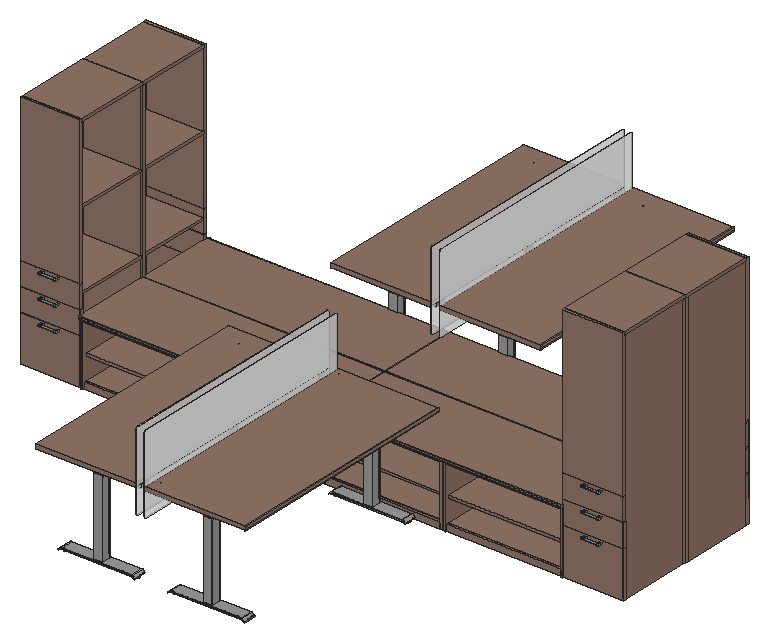
Revit family "JSI-Vision-Typical_Veneer-VST015-", category Furniture, Revit 2020
Family settings
  OmniClass Number = 23.40.20.00
  OmniClass Title = General Furniture and Specialties
  Work Plane-Based = No
  Always vertical = Yes
  Cut with Voids When Loaded = No
  Shared = No
  Room Calculation Point = No
Parameters (values of type "VST015")
  URL = "www.jsifurniture.com"
  Type Comments = "Typical Laminate"  # constant formula
  Model = "VST015"
  Manufacturer = "JSI"  # constant formula
  Keynote = "12500"
  Default Elevation = 0"
  Assembly Code = "E2020200"
Reference planes (in)
  plane 1 "Center Front/Back": y = 0
  plane 2: z = 0
  plane 3 "Center Left/Right": x = 0
Dimensions and locks (in)
  aligned and locked: level to plane 2
Nested families (in)
  nested 1: "JSI-Vision-Box_Box_File_Storage_Cabinet_Side_Access" at (-90, 0, 0), type "VSV2418-72BBFSSTL - Box/Box/File Storage Cabinet with Side Access Veneer - 17 7/8"W x 23 5/8"D x 72"H"
    with Side Distance 0", Width 17.88", Unit Centre 8.94", Shelve Width 17.13", Shelve Distance 17.88", Shelve Depth 21.755", Height 72", FFSSTR no, Depth 23.63", Bottom Shelve Level 2.458", Adjustable Shelves Array Distance 23.0765", Actual Height 71 11/16", # of Adjustable Shelves 3
  nested 2: "JSI-Vision-Box_Box_File_Storage_Cabinet_Side_Access" at (90, -0.125, 0) x (-1, 0, 0) z (0, 0, 1), type "VSV2418-72BBFSSTL - Box/Box/File Storage Cabinet with Side Access Veneer - 17 7/8"W x 23 5/8"D x 72"H"
    with Side Distance 0", Width 17.88", Unit Centre 8.94", Shelve Width 17.13", Shelve Distance 17.88", Shelve Depth 21.755", Height 72", FFSSTR no, Depth 23.63", Bottom Shelve Level 2.458", Adjustable Shelves Array Distance 23.0765", Actual Height 71 11/16", # of Adjustable Shelves 3
  nested 3: "JSI-Vision-Box_Box_File_Storage_Cabinet_Side_Access" at (72, 0, 0), type "VSV2418-72BBFSSTR - Box/Box/File Storage Cabinet with Side Access Veneer - 17 7/8"W x 23 5/8"D x 72"H"
    with Side Distance 17.13", Width 17.88", Unit Centre 8.94", Shelve Width 17.13", Shelve Distance 17.13", Shelve Depth 21.755", Height 72", Depth 23.63", Bottom Shelve Level 2.458", Adjustable Shelves Array Distance 23.0765", Actual Height 71 11/16", # of Adjustable Shelves 3
  nested 4: "JSI-Vision-Box_Box_File_Storage_Cabinet_Side_Access" at (-72, -0.125, 0) x (-1, 0, 0) z (0, 0, 1), type "VSV2418-72BBFSSTR - Box/Box/File Storage Cabinet with Side Access Veneer - 17 7/8"W x 23 5/8"D x 72"H"
    with Side Distance 17.13", Width 17.88", Unit Centre 8.94", Shelve Width 17.13", Shelve Distance 17.13", Shelve Depth 21.755", Height 72", Depth 23.63", Bottom Shelve Level 2.458", Adjustable Shelves Array Distance 23.0765", Actual Height 71 11/16", # of Adjustable Shelves 3
  nested 5: "JSI-Vision-Open_Shelf_Modular_Bench_Pedestal" at (-36, -0.125, 0), type "VSVB2436MOS, Veneer OS Modular Bench H Ped"
    with Width 36", Height 18.744", Depth 24"
  nested 6: "JSI-Vision-Open_Shelf_Modular_Bench_Pedestal" at (0, -0.125, 0), type "VSVB2436MOS, Veneer OS Modular Bench H Ped"
    with Width 36", Height 18.744", Depth 24"
  nested 7: "JSI-Vision-Open_Shelf_Modular_Bench_Pedestal" at (-36, 0, 0), type "VSVB2436MOS, Veneer OS Modular Bench H Ped"
    with Width 36", Height 18.744", Depth 24"
  nested 8: "JSI-Vision-Open_Shelf_Modular_Bench_Pedestal" at (0, 0, 0), type "VSVB2436MOS, Veneer OS Modular Bench H Ped"
    with Width 36", Height 18.744", Depth 24"
  nested 9: "JSI-Vision-Bench_Height_Modular_Top" at (-72, -0.125, -0.6469), type "VSVB2472MT, Veneer Mod Bench H Top, 24" x 72""
    with Width 72", Depth 24"
  nested 10: "JSI-Vision-Bench_Height_Modular_Top" at (0, 0, -0.6469) x (-1, 0, 0) z (0, 0, 1), type "VSVB2472MT, Veneer Mod Bench H Top, 24" x 72""
    with Width 72", Depth 24"
  nested 11: "JSI-Vision-Adjustable_Table_Standard_Range" at (1.375, 19.0625, 0) x (0, 1, 0) z (0, 0, 1), type "VSV3072AHTD-S - Adjustable Height Table Standard Range 72"W x 30"D x 30"H"
  nested 12: "JSI-Vision-Lok_Frosted_Acrylic_Privacy_Screen" at (1.375, -91.0625, -1.3175) x (0, 1, 0) z (0, 0, 1), type "LK-PSP-7224A, Lok Frosted Acrylic Privacy Screen - 72w x 23 3/4h"
  nested 13: "JSI-Vision-Adjustable_Table_Standard_Range" at (1.375, -19.0625, 0) x (0, -1, 0) z (0, 0, 1), type "VSV3072AHTD-S - Adjustable Height Table Standard Range 72"W x 30"D x 30"H"
  nested 14: "JSI-Vision-Adjustable_Table_Standard_Range" at (-1.375, 19.0625, 0) x (0, 1, 0) z (0, 0, 1), type "VSV3072AHTD-S - Adjustable Height Table Standard Range 72"W x 30"D x 30"H"
  nested 15: "JSI-Vision-Adjustable_Table_Standard_Range" at (-1.375, -19.0625, 0) x (0, -1, 0) z (0, 0, 1), type "VSV3072AHTD-S - Adjustable Height Table Standard Range 72"W x 30"D x 30"H"
  nested 16: "JSI-Vision-Lok_Frosted_Acrylic_Privacy_Screen" at (-1.375, -91.0625, -1.3175) x (0, 1, 0) z (0, 0, 1), type "LK-PSP-7224A, Lok Frosted Acrylic Privacy Screen - 72w x 23 3/4h"
  nested 17: "JSI-Vision-Lok_Frosted_Acrylic_Privacy_Screen" at (1.375, 91.0625, -1.3175) x (0, -1, 0) z (0, 0, 1), type "LK-PSP-7224A, Lok Frosted Acrylic Privacy Screen - 72w x 23 3/4h"
  nested 18: "JSI-Vision-Lok_Frosted_Acrylic_Privacy_Screen" at (-1.375, 91.0625, -1.3175) x (0, -1, 0) z (0, 0, 1), type "LK-PSP-7224A, Lok Frosted Acrylic Privacy Screen - 72w x 23 3/4h"
  nested 19: "JSI-Vision-Open_Shelf_Modular_Bench_Pedestal" at (-72, -0.125, 0), type "VSVB2436MOS, Veneer OS Modular Bench H Ped"
    with Width 36", Height 18.744", Depth 24"
  nested 20: "JSI-Vision-Open_Shelf_Modular_Bench_Pedestal" at (-72, 0, 0), type "VSVB2436MOS, Veneer OS Modular Bench H Ped"
    with Width 36", Height 18.744", Depth 24"
  nested 21: "JSI-Vision-Open_Shelf_Modular_Bench_Pedestal" at (72, -0.125, 0) x (-1, 0, 0) z (0, 0, 1), type "VSVB2436MOS, Veneer OS Modular Bench H Ped"
    with Width 36", Height 18.744", Depth 24"
  nested 22: "JSI-Vision-Open_Shelf_Modular_Bench_Pedestal" at (72, 0, 0) x (-1, 0, 0) z (0, 0, 1), type "VSVB2436MOS, Veneer OS Modular Bench H Ped"
    with Width 36", Height 18.744", Depth 24"
  nested 23: "JSI-Vision-Bench_Height_Modular_Top" at (72, -0.125, -0.6469) x (-1, 0, 0) z (0, 0, 1), type "VSVB2472MT, Veneer Mod Bench H Top, 24" x 72""
    with Width 72", Depth 24"
  nested 24: "JSI-Vision-Bench_Height_Modular_Top" at (0, 0, -0.6469), type "VSVB2472MT, Veneer Mod Bench H Top, 24" x 72""
    with Width 72", Depth 24"
Definition of nested family "JSI-Vision-Box_Box_File_Storage_Cabinet_Side_Access"
  Parameters (values of type "Type Catalog")
    Side Distance = if(FFSSTR, (Width - 3/4"), 0")  # 17 1/4"
    Top = none
    Width = 18"
    Unit Centre = Width / 2  # 9"
    URL = "www.jsifurniture.com"
    Type Comments = ""
    Tag = "3 Shelves R/ BBF"
    Shelve Width = Width - 3/4"  # 17 1/4"
    Shelve Distance = if(FFSSTR, (Width - 3/4"), Width)  # 17 1/4"
    Shelve Depth = Depth - 1 7/8"  # 22 1/8"
    Series = "Vision Casegoods"  # constant formula
    Pull Finish = none
    Model = "Type Catalog"
    Material = ""
    Manufacturer = "JSI"  # constant formula
    Keynote = "12500"
    JSI Enviromental Website = "http://www.jsifurniture.com/jsi_sustainability_intro.php"
    Height = 84"
    FFSSTR = yes
    Drawer Front = none
    Description = "Type Catalog"
    Depth = 24"
    Default Elevation = 0"
    Chassis = none
    Bottom Shelve Level = 29 1/2"
    Assembly Code = "E2020200"
    Adjustable Shelves Array Distance = (Actual Height - Bottom Shelve Level) / (# of Adjustable Shelves)  # 13 35/64"
    Actual Height = if(Height > 54", (Height - 5/16"), (if(Height > 42", (Height + 1 1/8"), if(Height > 30", (Height - 3/8"), (Height - 13/16")))))  # 83 11/16"
    # of Adjustable Shelves = if(Height > 72", 4, (if(Height > 57", 3, 2)))  # 4
  Reference planes (in)
    plane 1 "Center Front/Back": y = 0
    plane 2: z = 0
    plane 3 "Center Left/Right": x = 0
    plane 4: z = 0
    plane 5: x = 18
    plane 6: y = -0.125
    plane 7: y = -23
    plane 8: z = 83.6875
    plane 9: y = -0.875
    plane 10: y = -22.8125
    plane 11: y = -22.0625
    plane 12: x = 0.75
    plane 13: x = 17.25
    plane 14: z = 0.3275
    plane 15: z = 1.0775
    plane 16: z = 82.9375
    plane 17: z = 83.3125
    plane 18: z = 29.125
    plane 19: z = 29.5
    plane 20: z = 28.75
    plane 21: x = 0.0625
    plane 22: x = 17.9375
    plane 23: z = 0.14
    plane 24: y = -23
    plane 25: y = -23.75
    plane 26: y = -24
    plane 27: z = 83.625
    plane 28: y = -11.5625
    plane 29: z = 39.9625
    plane 30: z = 50.8
    plane 31: z = 61.6375
    plane 32: z = 72.475
    plane 33: z = 27.88
    plane 34: z = 28
    plane 35: z = 13.95
    plane 36: z = 14.075
    plane 37: z = 27.13
    plane 38: z = 13.2
    plane 39: x = 9
    plane 40: x = 17.25
    plane 41: z = 21.04
    plane 42: z = 20.915
    plane 43: z = 20.165
  Forms (in)
    Extrusion 1, solid, material <- "Chassis"
      sketch origin (0, 0, 0) x (1, 0, 0) y (0, 1, 0)
        loop
          line (0, -0.125) -> (0, -0.875) -> (18, -0.875) -> (18, -0.125) -> (0, -0.125)
      from 0 to 82.9375
    Extrusion 2, solid, material <- "Chassis"
      sketch origin (0, 0, 0) x (1, 0, 0) y (0, 1, 0)
        loop
          line (0, -0.875) -> (0, -23) -> (0.75, -23) -> (0.75, -0.875) -> (0, -0.875)
      from 0 to 28.75
    Extrusion 3, solid, material <- "Chassis"
      sketch origin (0, 0, 0) x (1, 0, 0) y (0, 1, 0)
        loop
          line (17.25, -0.875) -> (17.25, -23) -> (18, -23) -> (18, -0.875) -> (17.25, -0.875)
      from 0 to 82.9375
    Extrusion 4, solid, material <- "Top"
      sketch origin (0, 0, 0) x (0, 1, 0) y (0, 0, 1)
        loop
          line (-0.125, 83.6875) -> (-23, 83.6875) -> (-23, 82.9375) -> (-0.125, 82.9375) -> (-0.125, 83.6875)
      from 0 to 18
    Extrusion 5, solid, material <- "Chassis"
      sketch origin (0, 0, 0) x (0, 1, 0) y (0, 0, 1)
        loop
          line (-0.875, 1.0775) -> (-22.0625, 1.0775) -> (-22.0625, 0.3275) -> (-0.875, 0.3275) -> (-0.875, 1.0775)
      from 0.75 to 17.25
    Extrusion 6, solid, material <- "Chassis"
      sketch origin (0, 0, 0) x (0, 1, 0) y (0, 0, 1)
        loop
          line (-22.0625, 1.0775) -> (-22.8125, 1.0775) -> (-22.8125, 0) -> (-22.0625, 0) -> (-22.0625, 1.0775)
      from 0.75 to 17.25
    Extrusion 7, solid, material <- "Chassis"
      sketch origin (-15, -0.9375, 1) x (0, 1, 0) y (0, 0, 1)
        loop
          line (0.0625, 28.5) -> (-22.0625, 28.5) -> (-22.0625, 27.75) -> (0.0625, 27.75) -> (0.0625, 28.5)
      from 15 to 32.25
    Extrusion 8, solid, material <- "Chassis"
      sketch origin (-15, -0.9375, 14.54688) x (0, 1, 0) y (0, 0, 1)
        loop
          line (0.0625, 28.5) -> (-22.0625, 28.5) -> (-22.0625, 27.75) -> (0.0625, 27.75) -> (0.0625, 28.5)
      from 15 to 32.25
    Extrusion 9, solid, material <- "Drawer Front"
      sketch origin (0, 0, 0) x (0, 1, 0) y (0, 0, 1)
        loop
          line (-23, 13.95) -> (-23.75, 13.95) -> (-23.75, 0.14) -> (-23, 0.14) -> (-23, 13.95)
      from 0 to 18
    Extrusion 10, solid, material <- "Drawer Front"
      sketch origin (0, 0, 0) x (0, 1, 0) y (0, 0, 1)
        loop
          line (-23, 27.88) -> (-23.75, 27.88) -> (-23.75, 21.04) -> (-23, 21.04) -> (-23, 27.88)
      from 0 to 18
    Extrusion 11, solid, material <- "Chassis"
      sketch origin (0, 0, 0) x (1, 0, 0) y (0, 1, 0)
        loop
          line (0, -23) -> (0, -23.75) -> (18, -23.75) -> (18, -23) -> (0, -23)
      from 28 to 83.6875
    Extrusion 12, solid, material <- "Drawer Front"
      sketch origin (0, 0, 0) x (0, 1, 0) y (0, 0, 1)
        loop
          line (-23, 20.915) -> (-23.75, 20.915) -> (-23.75, 14.075) -> (-23, 14.075) -> (-23, 20.915)
      from 0 to 18
    Extrusion 13, solid, material <- "Chassis"
      sketch origin (-15, -0.9375, 28.09375) x (0, 1, 0) y (0, 0, 1)
        loop
          line (0.0625, 28.5) -> (-22.0625, 28.5) -> (-22.0625, 27.75) -> (0.0625, 27.75) -> (0.0625, 28.5)
      from 15 to 32.25
    Extrusion 14, solid, material <- "Chassis"
      sketch origin (-15, -0.9375, 41.64063) x (0, 1, 0) y (0, 0, 1)
        loop
          line (0.0625, 28.5) -> (-22.0625, 28.5) -> (-22.0625, 27.75) -> (0.0625, 27.75) -> (0.0625, 28.5)
      from 15 to 32.25
  Lines and regions (in)
    reference lines, not visible
      curve 1: line (0, 0, 83.6875) -> (0, 0, 0)
      curve 2: line (0.75, 0, 0) -> (0.75, 0, 83.6875)
      curve 3: line (18, 0, 83.6875) -> (18, 0, 0)
      curve 4: line (17.25, 0, 0) -> (17.25, 0, 83.6875)
    symbolic lines
      curve 5: line (18, -0.125, 0) -> (0, -0.125, 0)
      curve 6: line (0, -0.125, 0) -> (0, -23, 0)
      curve 7: line (18, -23, 0) -> (18, -0.125, 0)
      curve 8: line (0, -23, 0) -> (0, -23.75, 0)
      curve 9: line (0, -23.75, 0) -> (18, -23.75, 0)
      curve 10: line (18, -23.75, 0) -> (18, -23, 0)
  Dimensions and locks (in)
    locked: plane 6 to plane 1 "Center Front/Back" at 0.125
    plane 7 to plane 10 to plane 11 = 3/16" locked, 3/4" locked
    locked: plane 3 "Center Left/Right" to plane 12 at 0.75
    locked: plane 13 to plane 5 at 0.75
    locked: plane 8 to plane 16 at 0.75
    locked: plane 17 to plane 16 at 0.375
    "Width": plane 3 "Center Left/Right" to plane 5
    "Actual Height": plane 8 to plane 4
    locked: plane 3 "Center Left/Right" to plane 21 at 0.0625
    locked: plane 22 to plane 5 at 0.0625
    plane 15 to plane 14 to plane 23 = 3/4" locked, 3/16" locked
    plane 25 to plane 24 to plane 7 = 3/4" locked, 0" locked
    "Depth": plane 26 to plane 1 "Center Front/Back"
    locked: plane 26 to plane 25 at 0.25
    locked: plane 8 to plane 27 at 0.0625
    equal spacing: plane 6, plane 28, plane 7
    "Shelve Depth": Extrusion 7 sketch curve to Extrusion 7 sketch curve
    equal spacing: plane 17, plane 32, plane 31, plane 30, plane 29, plane 18
    "Shelve Depth": Extrusion 8 sketch curve to Extrusion 8 sketch curve
    equal spacing: group 1, group 2, group 3, group 4  (x3)
    "Adjustable Shelves Array Distance": Extrusion 8 to Extrusion 7
    "Bottom Shelve Level": Extrusion 7 to plane 4
    "Bottom Shelve Level": plane 19 to plane 4
    locked: plane 19 to plane 18 at 0.375
    locked: plane 33 to plane 37 at 0.75
    locked: plane 35 to plane 38 at 0.75
    "Shelve Width": Extrusion 7 to Extrusion 7
    "Unit Centre": plane 3 "Center Left/Right" to plane 39
    "Shelve Width": Extrusion 8 to Extrusion 8
    locked: plane 19 to plane 20 at 0.75
    locked: curve 1 to curve 2 at 0.75
    locked: curve 3 to curve 4 at 0.75
    "Side Distance": curve 4 to plane 3 "Center Left/Right"
    "Side Distance": plane 5 to curve 2
    "Shelve Distance": plane 40 to plane 3 "Center Left/Right"
    locked: plane 42 to plane 43 at 0.75
    "Shelve Depth": Extrusion 13 sketch curve to Extrusion 13 sketch curve
    "Shelve Width": Extrusion 13 to Extrusion 13
    "Shelve Depth": Extrusion 14 sketch curve to Extrusion 14 sketch curve
    "Shelve Width": Extrusion 14 to Extrusion 14
    plane 33 to plane 41 to plane 42 to plane 36 to plane 35 to plane 23 to plane 4 = 6.84" locked, 1/8" locked, 6.84" locked, 1/8" locked, 13.81" locked, 0.14" locked
    locked: plane 20 to plane 34 at 0.75
    aligned and locked: level to plane 2
    aligned and locked: plane 6 to Extrusion 1 sketch curve
    aligned and locked: Extrusion 1 sketch curve to plane 9
    aligned and locked: Extrusion 1 sketch curve to plane 5
    aligned and locked: plane 3 "Center Left/Right" to Extrusion 1 sketch curve
    aligned and locked: Extrusion 1 to plane 4
    aligned and locked: plane 16 to Extrusion 1
    aligned and locked: Extrusion 2 sketch curve to plane 7
    aligned and locked: plane 9 to Extrusion 2 sketch curve
    aligned and locked: Extrusion 3 sketch curve to plane 7
    aligned and locked: plane 9 to Extrusion 3 sketch curve
    aligned and locked: plane 16 to Extrusion 4 sketch curve
    aligned and locked: Extrusion 4 sketch curve to plane 8
    aligned and locked: plane 6 to Extrusion 4 sketch curve
    aligned and locked: Extrusion 4 sketch curve to plane 7
    aligned and locked: Extrusion 4 to plane 3 "Center Left/Right"
    aligned and locked: plane 5 to Extrusion 4
    aligned and locked: Extrusion 5 sketch curve to plane 11
    aligned and locked: plane 14 to Extrusion 5 sketch curve
    aligned and locked: Extrusion 5 sketch curve to plane 15
    aligned and locked: plane 9 to Extrusion 5 sketch curve
    aligned and locked: Extrusion 5 to plane 12
    aligned and locked: plane 13 to Extrusion 5
    aligned and locked: plane 11 to Extrusion 6 sketch curve
    aligned and locked: Extrusion 6 sketch curve to plane 10
    aligned and locked: plane 4 to Extrusion 6 sketch curve
    aligned and locked: Extrusion 6 sketch curve to plane 15
    aligned and locked: Extrusion 6 to plane 12
    aligned and locked: plane 13 to Extrusion 6
    aligned and locked: level to plane 4
    aligned and locked: plane 25 to nested 1
    aligned and locked: plane 24 to Extrusion 9 sketch curve
    aligned and locked: Extrusion 9 sketch curve to plane 25
    aligned and locked: plane 23 to Extrusion 9 sketch curve
    aligned and locked: Extrusion 9 sketch curve to plane 35
    aligned and locked: Extrusion 10 sketch curve to plane 25
    aligned and locked: plane 24 to Extrusion 10 sketch curve
    aligned and locked: Extrusion 10 sketch curve to plane 33
    aligned and locked: plane 38 to nested 2
    aligned and locked: plane 25 to nested 2
    aligned and locked: plane 37 to nested 3
    aligned and locked: plane 25 to nested 3
    aligned and locked: Extrusion 7 to plane 9
    aligned and locked: Extrusion 8 to plane 9
    aligned and locked: plane 39 to nested 1
    aligned and locked: plane 39 to nested 3
    aligned and locked: plane 39 to nested 2
    aligned and locked: Extrusion 2 to plane 4
    aligned and locked: Extrusion 2 to curve 2
    aligned and locked: curve 1 to Extrusion 2
    aligned and locked: plane 20 to Extrusion 2
    aligned and locked: Extrusion 3 to plane 4
    aligned and locked: Extrusion 3 to curve 3
    aligned and locked: Extrusion 3 to curve 4
    aligned and locked: plane 16 to Extrusion 3
    aligned and locked: plane 40 to Extrusion 7
    aligned and locked: plane 40 to Extrusion 8
    aligned and locked: plane 24 to Extrusion 11 sketch curve
    aligned and locked: Extrusion 11 sketch curve to plane 25
    aligned and locked: Extrusion 11 sketch curve to plane 5
    aligned and locked: plane 3 "Center Left/Right" to Extrusion 11 sketch curve
    aligned and locked: plane 8 to Extrusion 11
    aligned and locked: Extrusion 11 to plane 34
    aligned and locked: Extrusion 10 to plane 41
    aligned and locked: plane 36 to Extrusion 12 sketch curve
    aligned and locked: Extrusion 12 sketch curve to plane 42
    aligned and locked: Extrusion 12 sketch curve to plane 25
    aligned and locked: plane 24 to Extrusion 12 sketch curve
    aligned and locked: plane 43 to nested 4
    aligned and locked: plane 39 to nested 4
    aligned and locked: plane 25 to nested 4
    aligned and locked: curve 5 to Extrusion 4
    aligned and locked: curve 6 to Extrusion 4
    aligned and locked: curve 7 to Extrusion 4
    aligned and locked: curve 8 to Extrusion 10
    aligned and locked: Extrusion 11 to curve 9
    aligned and locked: curve 10 to Extrusion 10
    aligned and locked: Extrusion 10 to Extrusion 11  (x2)
  Automatic sketch dimensions
    Extrusion 7 sketch curve to Extrusion 7 sketch curve = 3/4"
    Extrusion 8 sketch curve to Extrusion 8 sketch curve = 3/4"
    plane 12 to Extrusion 2 sketch curve = 0"
    plane 3 "Center Left/Right" to Extrusion 2 sketch curve = 0"
    Extrusion 3 sketch curve to plane 5 = 0"
    Extrusion 3 sketch curve to plane 13 = 0"
    curve 1 to level = 0"
    curve 2 to level = 0"
    curve 3 to level = 0"
    curve 4 to level = 0"
    curve 3 to plane 8 = 0"
    curve 2 to plane 8 = 0"
    curve 4 to plane 8 = 0"
    curve 1 to plane 8 = 0"
    plane 36 to Extrusion 10 sketch curve = 6.965"
    plane 7 to curve 7 = 0"
    plane 7 to curve 6 = 0"
    Extrusion 13 sketch curve to Extrusion 13 sketch curve = 3/4"
    Extrusion 14 sketch curve to Extrusion 14 sketch curve = 3/4"
  Nested families (in)
    nested 1: "Label 1-16 OH" at (9, -23.75, 0), type "OH DOORS"
    nested 2: "Bar Pull" at (9, -23.75, 13.2), Pull Finish <- "Pull Finish", type "PL"
      with Pull Finish none
    nested 3: "Bar Pull" at (9, -23.75, 27.13), Pull Finish <- "Pull Finish", type "PL"
      with Pull Finish none
    nested 4: "Bar Pull" at (9, -23.75, 20.165), Pull Finish <- "Pull Finish", type "PL"
      with Pull Finish none
  Definition of nested family "Bar Pull"
    Parameters
      Pull Finish [instance] = none
      Default Elevation = 0"
    Reference planes (in)
      plane 1 "Center Front/Back": y = 0
      plane 2: z = 0
      plane 3 "Center Left/Right": x = 0
      plane 4: x = -2.68731
      plane 5: x = -1.88731
      plane 6: x = 2.68731
      plane 7: x = 1.88731
      plane 8: y = -1
      plane 9: y = -0.85202
    Forms (in)
      Extrusion 1, solid, material <- "Pull Finish"
        sketch origin (0, 0, 0) x (0, 1, 0) y (0, 0, 1)
          loop
            line (0, -0.2015) -> (0, 0.2015) -> (-0.85202, 0.2015)
            arc (-0.85202, 0.2015) -> (-0.75, 0) -> (-0.85202, -0.2015) r 0.25
            line (-0.85202, -0.2015) -> (0, -0.2015)
        from 1.88731 to 2.68731
      Extrusion 2, solid, material <- "Pull Finish"
        sketch origin (0, 0, 0) x (0, 1, 0) y (0, 0, 1)
          loop
            circle (-1, 0) r 0.25
        from -2.68731 to 2.68731
      Extrusion 3, solid, material <- "Pull Finish"
        sketch origin (0, 0, 0) x (0, 1, 0) y (0, 0, -1)
          loop
            line (0, 0.2015) -> (-0.85202, 0.2015)
            arc (-0.85202, 0.2015) -> (-0.75, 0) -> (-0.85202, -0.2015) r 0.25
            line (-0.85202, -0.2015) -> (0, -0.2015) -> (0, 0.2015)
        from 1.88731 to 2.68731
    Dimensions and locks (in)
      plane 4 to plane 5 to plane 3 "Center Left/Right" to plane 7 to plane 6 = 0.8" locked, 1.88731" locked, 1.88731" locked, 0.8" locked
      plane 8 to plane 9 to plane 1 "Center Front/Back" = 0.14798" locked, 0.85202" locked
      aligned and locked: level to plane 2
      aligned and locked: plane 4 to Extrusion 3
      aligned and locked: Extrusion 3 to plane 5
      aligned and locked: plane 4 to Extrusion 2
      aligned and locked: Extrusion 1 to plane 7
      aligned and locked: plane 6 to Extrusion 1
      aligned and locked: plane 6 to Extrusion 2
      aligned and locked: plane 8 to Extrusion 2 sketch curve
      aligned and locked: Extrusion 3 to plane 1 "Center Front/Back"
      aligned and locked: Extrusion 1 to plane 1 "Center Front/Back"
      aligned and locked: plane 5 to Extrusion 3
      aligned and locked: Extrusion 3 to plane 4
      aligned and locked: Extrusion 2 to plane 4
      aligned and locked: plane 7 to Extrusion 1
      aligned and locked: Extrusion 1 to plane 6
      aligned and locked: Extrusion 2 to plane 6
  Definition of nested family "Label 1-16 OH"
    Parameters
      Width = 1"
      Model Name = "3 Shelves R/ BBF"
    Reference planes (in)
      plane 1: y = 0
      plane 2: x = 0
    Text (in)
      label "XX" at (0.00051, -0.12324, 0), shows "Model Name"
Definition of nested family "JSI-Vision-Open_Shelf_Modular_Bench_Pedestal"
  Parameters (values of type "Type Catalog")
    Width = 18"
    URL = "www.jsifurniture.com"
    Top = none
    Tag = "OS"
    Series = "Vision Casegoods"  # constant formula
    Model = "Type Catalog"
    Manufacturer = "JSI"  # constant formula
    Keynote = "12500"
    JSI Enviromental Website = "http://www.jsifurniture.com/jsi_sustainability_intro.php"
    Height = 18 3/4"
    Description = "Type Catalog"
    Depth = 18"
    Default Elevation = 0"
    Chassis = none
    Assembly Code = "E2020200"
  Reference planes (in)
    plane 1 "Center Front/Back": y = 0
    plane 2: z = 0
    plane 3 "Center Left/Right": x = 0
    plane 4: x = 18
    plane 5: x = 0.18716
    plane 6: x = 17.81244
    plane 7: z = 9.375
    plane 8: x = 0.75
    plane 9: x = 17.126
    plane 10: y = -0.8125
    plane 11: y = -17.25
    plane 12: x = 9
    plane 13: z = 18.8591
    plane 14: z = 18.75
    plane 15: z = 8.625
    plane 16: z = 1.9375
    plane 17: z = 1.1875
    plane 18: y = -17.875
    plane 19: y = -16.25
    plane 20: y = -17
    plane 21: y = -18
    plane 22: z = 18.1091
  Forms (in)
    Extrusion 1, solid, material <- "Chassis"
      sketch origin (0, 0, 0) x (1, 0, 0) y (0, 1, 0)
        loop
          line (0, 0) -> (0, -0.8125) -> (18, -0.8125) -> (18, 0) -> (0, 0)
      from 0 to 18.8591
    Extrusion 2, solid, material <- "Chassis"
      sketch origin (0.125, -0.1875, 48) x (0, 1, 0) y (0, 0, 1)
        loop
          line (-0.625, -29.1409) -> (-17.0625, -29.1409) -> (-17.0625, -48) -> (-0.625, -48) -> (-0.625, -29.1409)
      from -0.125 to 0.625
    Extrusion 3, solid, material <- "Chassis"
      sketch origin (29.875, -0.1875, 48) x (0, 1, 0) y (0, 0, 1)
        loop
          line (-0.625, -29.1409) -> (-17.0625, -29.1409) -> (-17.0625, -48) -> (-0.625, -48) -> (-0.625, -29.1409)
      from -12.749 to -11.875
    Extrusion 4, solid, material <- "Chassis"
      sketch origin (0, 0, 0) x (1, 0, 0) y (0, 1, 0)
        loop
          line (0.75, -16.25) -> (0.75, -17) -> (17.126, -17) -> (17.126, -16.25) -> (0.75, -16.25)
      from 0 to 1.9375
    Extrusion 5, solid, material <- "Chassis"
      sketch origin (0, 0, 0) x (0, 1, 0) y (0, 0, 1)
        loop
          line (-16.25, 9.375) -> (-16.25, 8.625) -> (-0.8125, 8.625) -> (-0.8125, 9.375) -> (-16.25, 9.375)
        loop
          line (-0.8125, 18.1091) -> (-0.8125, 18.8591) -> (-17.25, 18.8591) -> (-17.25, 18.1091) -> (-0.8125, 18.1091)
        loop
          line (-0.8125, 1.1875) -> (-0.8125, 1.9375) -> (-16.25, 1.9375) -> (-16.25, 1.1875) -> (-0.8125, 1.1875)
      from 0.75 to 17.126
  Lines and regions (in)
    symbolic lines
      curve 1: line (0, 0, 0) -> (18, 0, 0)
      curve 2: line (0, -17.875, 0) -> (0, 0, 0)
      curve 3: line (18, -17.875, 0) -> (0, -17.875, 0)
      curve 4: line (18, 0, 0) -> (18, -17.875, 0)
  Dimensions and locks (in)
    locked: plane 14 to plane 13 at 0.1091
    plane 9 to plane 6 to plane 4 = 0.68644" locked, 0.18756" locked
    plane 3 "Center Left/Right" to plane 5 to plane 8 = 0.18716" locked, 0.56284" locked
    "Width": plane 3 "Center Left/Right" to plane 4
    equal spacing: plane 3 "Center Left/Right", plane 12, plane 4
    locked: plane 1 "Center Front/Back" to plane 10 at 0.8125
    plane 16 to plane 17 to level = 3/4" locked, 1 3/16" locked
    plane 19 to plane 20 to plane 11 to plane 18 to plane 21 = 3/4" locked, 1/4" locked, 5/8" locked, 1/8" locked
    "Depth": plane 1 "Center Front/Back" to plane 21
    locked: plane 13 to plane 22 at 0.75
    "Height": level to plane 14
    aligned and locked: level to plane 2
    aligned and locked: plane 10 to Extrusion 1 sketch curve
    aligned and locked: plane 10 to Extrusion 2 sketch curve
    aligned and locked: Extrusion 2 sketch curve to level
    aligned and locked: Extrusion 3 sketch curve to plane 10
    aligned and locked: level to Extrusion 3 sketch curve
    aligned and locked: plane 8 to Extrusion 4 sketch curve
    aligned and locked: plane 12 to nested 1
    aligned and locked: plane 13 to Extrusion 1
    aligned and locked: Extrusion 1 to plane 1 "Center Front/Back"
    aligned and locked: plane 3 "Center Left/Right" to curve 2
    aligned and locked: Extrusion 1 to plane 3 "Center Left/Right"
    aligned and locked: plane 1 "Center Front/Back" to curve 1
    aligned and locked: plane 4 to Extrusion 1
    aligned and locked: curve 4 to plane 4
    aligned and locked: plane 10 to Extrusion 5 sketch curve  (x3)
    aligned and locked: plane 7 to Extrusion 5 sketch curve
    aligned and locked: Extrusion 5 sketch curve to plane 15
    aligned and locked: Extrusion 5 to plane 8
    aligned and locked: plane 9 to Extrusion 5
    aligned and locked: Extrusion 2 to plane 11
    aligned and locked: Extrusion 3 to plane 11
    aligned and locked: plane 19 to Extrusion 4
    aligned and locked: Extrusion 4 to plane 20
    aligned and locked: Extrusion 5 to plane 19
    aligned and locked: plane 13 to Extrusion 5 sketch curve
    aligned and locked: Extrusion 5 sketch curve to plane 11
    aligned and locked: plane 16 to Extrusion 5 sketch curve
    aligned and locked: Extrusion 5 sketch curve to plane 17
    aligned and locked: Extrusion 5 sketch curve to plane 19
    aligned and locked: plane 18 to curve 3
    aligned and locked: Extrusion 3 to plane 9
    aligned and locked: plane 4 to Extrusion 3
    aligned and locked: nested 1 to plane 21
    aligned and locked: Extrusion 5 to plane 22
  Automatic sketch dimensions
    Extrusion 4 sketch curve to plane 9 = 0"
    plane 1 "Center Front/Back" to Extrusion 1 sketch curve = 0"
    plane 5 to Extrusion 1 sketch curve = 0.18716"
    Extrusion 1 sketch curve to plane 6 = 0.18756"
    plane 11 to Extrusion 2 sketch curve = 0"
    plane 11 to Extrusion 3 sketch curve = 0"
    plane 18 to Extrusion 4 sketch curve = 7/8"
    plane 11 to Extrusion 4 sketch curve = 1"
    Extrusion 5 sketch curve to plane 19 = 0"
    plane 14 to Extrusion 5 sketch curve = 0.6409"
    Extrusion 2 sketch curve to plane 13 = 0"
    Extrusion 3 sketch curve to plane 13 = 0"
  Nested families (in)
    nested 1: "Label 1-16" at (9, -18, 0), type "DRWCFG"
  Definition of nested family "Label 1-16"
    Parameters
      Width = 1"
      Model Name = "FF"
    Reference planes (in)
      plane 1: y = 0
      plane 2: x = 0
    Text (in)
      label "XX" at (0.00051, -0.12324, 0), shows "Model Name"
Definition of nested family "JSI-Vision-Bench_Height_Modular_Top"
  Parameters (values of type "Type Catalog")
    Worksurface = none
    Width = 42"
    URL = "www.jsifurniture.com"
    Type Comments = ""
    Series = "Vision Casegoods"  # constant formula
    Model = "Type Catalog"
    Material = ""
    Manufacturer = "JSI"  # constant formula
    Keynote = "12500"  # constant formula
    JSI Enviromental Website = "http://www.jsifurniture.com/jsi_sustainability_intro.php"
    Height = 3/4"
    Description = "Type Catalog"
    Depth = 30"
    Default Elevation = 0"
    Assembly Code = "E2020200"
  Reference planes (in)
    plane 1 "Center Front/Back": y = 0
    plane 2: z = 0
    plane 3 "Center Left/Right": x = 0
    plane 4: z = 0
    plane 5: x = 42
    plane 6: y = -30
    plane 7: z = 20.25
    plane 8: z = 19.5
  Forms (in)
    Extrusion 1, solid, material <- "Worksurface"
      sketch origin (0, 0, 28) x (0, 1, 0) y (0, 0, 1)
        loop
          line (-29.88189, -8.5) -> (0, -8.5) -> (0, -7.75) -> (-29.88189, -7.75)
          arc (-29.88189, -7.75) -> (-29.96541, -7.78459) -> (-30, -7.86811) r 0.11811
          line (-30, -7.86811) -> (-30, -8.38189)
          arc (-30, -8.38189) -> (-29.96541, -8.46541) -> (-29.88189, -8.5) r 0.11811
      from 0 to 42
  Lines and regions (in)
    symbolic lines
      curve 1: line (0, 0, 0) -> (42, 0, 0)
      curve 2: line (0, -30, 0) -> (0, 0, 0)
      curve 3: line (42, -30, 0) -> (0, -30, 0)
      curve 4: line (42, 0, 0) -> (42, -30, 0)
  Dimensions and locks (in)
    "Depth": plane 6 to plane 1 "Center Front/Back"
    "Width": plane 5 to plane 3 "Center Left/Right"
    "Height": plane 7 to plane 8
    locked: plane 8 to plane 4 at 19.5
    aligned and locked: level to plane 2
    aligned and locked: plane 5 to Extrusion 1
    aligned and locked: curve 1 to Extrusion 1
    aligned and locked: curve 2 to Extrusion 1
    aligned and locked: plane 6 to curve 3
    aligned and locked: curve 4 to plane 5
    aligned and locked: Extrusion 1 to plane 8
    aligned and locked: Extrusion 1 to plane 7
  Automatic sketch dimensions
    Extrusion 1 sketch curve to plane 6 = 0"
    level to Extrusion 1 sketch curve = 19 1/2"
    Extrusion 1 sketch curve to plane 7 = 0"
    Extrusion 1 sketch curve to plane 1 "Center Front/Back" = 0"
    Extrusion 1 sketch curve to Extrusion 1 sketch curve = 0.11811"
    plane 6 to Extrusion 1 sketch curve = 0.11811"
Definition of nested family "JSI-Vision-Adjustable_Table_Standard_Range"
  Parameters (values of type "VST3048AHTD-S - Adjustable Height Table Standard Range 48"W x 30"D x 30"H")
    Width = 48"
    Upper Leg Finish = none
    URL = "www.jsifurniture.com"
    Type Comments = ""
    Top Finish = none
    Support Finish = none
    Series = "Vision Casegoods"  # constant formula
    Low Leg Finish = none
    Model = "VST3048AHTD-S"
    Material = ""
    Manufacturer = "JSI"  # constant formula
    Keynote = "12500"  # constant formula
    JSI Enviromental Website = "http://www.jsifurniture.com/jsi_sustainability_intro.php"
    Height = 29 3/16"
    Glide Finish = none
    Feet Finish = none
    Description = "Adjustable Height Table Desk Standard Range Laminate - 30”H x 30”D x 48”W"
    Depth = 30"
    Default Elevation = 0"
    Assembly Code = "E2020200"
    Adj Post Finish = none
  Types (6): name | Width | Model | Description
    VST3072AHTD-S - Adjustable Height Table Standard Range 72"W x 30"D x 30"H | 72" | "VST3072AHTD-S" | "Adjustable Height Table Desk Standard Range Laminate - 30”H x 30”D x 72”W"
    VSV3072AHTD-S - Adjustable Height Table Standard Range 72"W x 30"D x 30"H | 72" | "VSV3072AHTD-S" | "Adjustable Height Table Desk Standard Range Veneer - 30”H x 30”D x 72”W"
    VST3060AHTD-S - Adjustable Height Table Standard Range 60"W x 30"D x 30"H | 60" | "VST3060AHTD-S" | "Adjustable Height Table Desk Standard Range Laminate - 30”H x 30”D x 60”W"
    VSV3060AHTD-S - Adjustable Height Table Standard Range 60"W x 30"D x 30"H | 60" | "VSV3060AHTD-S" | "Adjustable Height Table Desk Standard Range Veneer - 30”H x 30”D x 60”W"
    VST3048AHTD-S - Adjustable Height Table Standard Range 48"W x 30"D x 30"H | 48" | "VST3048AHTD-S" | "Adjustable Height Table Desk Standard Range Laminate - 30”H x 30”D x 48”W"
    VSV3048AHTD-S - Adjustable Height Table Standard Range 48"W x 30"D x 30"H | 48" | "VSV3048AHTD-S" | "Adjustable Height Table Desk Standard Range Veneer - 30”H x 30”D x 48”W"
  Reference planes (in)
    plane 1 "Center Front/Back": y = 0
    plane 2: z = 0
    plane 3 "Center Left/Right": x = 0
    plane 4: z = 29.1875
    plane 5: z = 28
    plane 6: x = 48
    plane 7: y = -30
    plane 8: y = -15
  Forms (in)
    Extrusion 1, solid, material <- "Top Finish"
      sketch origin (0, 0, 0) x (0, 1, 0) y (0, 0, 1)
        loop
          arc (-29.88189, 29.1875) -> (-29.96256, 29.15006) -> (-30, 29.06939) r 0.12937
          line (-30, 29.06939) -> (-30, 28.11811)
          arc (-30, 28.11811) -> (-29.96256, 28.03744) -> (-29.88189, 28) r 0.12937
          line (-29.88189, 28) -> (-29.72106, 28) -> (-0.27894, 28) -> (-0.11811, 28)
          arc (-0.11811, 28) -> (-0.03744, 28.03744) -> (0, 28.11811) r 0.12937
          line (0, 28.11811) -> (0, 29.06939)
          arc (0, 29.06939) -> (-0.03744, 29.15006) -> (-0.11811, 29.1875) r 0.12937
          line (-0.11811, 29.1875) -> (-29.88189, 29.1875)
      from 0 to 48
  Lines and regions (in)
    symbolic lines
      curve 1: line (0, 0, 0) -> (48, 0, 0)
      curve 2: line (0, -30, 0) -> (0, 0, 0)
      curve 3: line (48, -30, 0) -> (0, -30, 0)
      curve 4: line (48, 0, 0) -> (48, -30, 0)
  Dimensions and locks (in)
    "Height": plane 4 to level
    locked: plane 4 to plane 5 at 1.1875
    "Width": plane 3 "Center Left/Right" to plane 6
    "Depth": plane 1 "Center Front/Back" to plane 7
    equal spacing: plane 1 "Center Front/Back", plane 8, plane 7
    aligned and locked: level to plane 2
    aligned and locked: plane 3 "Center Left/Right" to nested 1
    aligned and locked: nested 1 to plane 8
    aligned and locked: plane 4 to Extrusion 1 sketch curve
    aligned and locked: Extrusion 1 sketch curve to plane 5
    aligned and locked: Extrusion 1 sketch curve to plane 1 "Center Front/Back"
    aligned and locked: Extrusion 1 sketch curve to plane 7
    aligned and locked: Extrusion 1 to plane 3 "Center Left/Right"
    aligned and locked: Extrusion 1 to plane 6
    aligned and locked: plane 7 to curve 3
    aligned and locked: plane 1 "Center Front/Back" to curve 1
    aligned and locked: plane 3 "Center Left/Right" to curve 2
    aligned and locked: plane 6 to curve 4
  Automatic sketch dimensions
    plane 7 to Extrusion 1 sketch curve = 0.11811"  (x2)
    Extrusion 1 sketch curve to plane 5 = 0"  (x2)
    plane 7 to Extrusion 1 sketch curve = 33/256"  (x2)
    Extrusion 1 sketch curve to Extrusion 1 sketch curve = 0.16082"
    plane 1 "Center Front/Back" to Extrusion 1 sketch curve = 0.27894"
    plane 1 "Center Front/Back" to Extrusion 1 sketch curve = 33/256"  (x2)
    plane 1 "Center Front/Back" to Extrusion 1 sketch curve = 0.11811"  (x2)
    plane 5 to Extrusion 1 sketch curve = 0.11811"  (x2)
    Extrusion 1 sketch curve to plane 4 = 33/256"  (x2)
  Nested families (in)
    nested 1: "Adj Base" at (0, -15, 0), Height <- "Height", W Top <- "Width", Adj Post Finish <- "Adj Post Finish", Feet Finish <- "Feet Finish", Glide Finish <- "Glide Finish", Low Leg Finish <- "Low Leg Finish", Support Finish <- "Support Finish", Upper Leg Finish <- "Upper Leg Finish", type "Adj Base"
      with W Top 48", Upper Leg Finish none, Support Finish none, Low Leg Finish none, Height 29 3/16", Glide Finish none, Feet Finish none, Adj Post Finish none
  Definition of nested family "Adj Base"
    Parameters (values of type "Adj Base")
      W Top [instance] = 72"
      Upper Leg Finish [instance] = none
      Support Finish [instance] = none
      Low Leg Finish [instance] = none
      Height [instance] = 29 1/2"
      Glide Finish [instance] = none
      Feet Finish [instance] = none
      Default Elevation = 0"
      Adj Post Finish [instance] = none
    Reference planes (in)
      plane 1 "Center (Front/Back)": y = 0
      plane 2: z = 0
      plane 3 "Center (Left/Right)": x = 0
      plane 4: z = 29.5
      plane 5: x = 72
      plane 6: z = 28.3125
      plane 7: x = 6.09647
      plane 8: x = 65.90353
    Forms (in)
      Extrusion 1, solid, material <- "Support Finish"
        sketch origin (1.67343, 0, 0) x (-1, 0, 0) y (0, 0, 1)
          loop
            line (-2.26388, 26.15894) -> (-2.26388, 28.00935) -> (-10.9253, 28.00935) -> (-10.9253, 27.73435) -> (-10.3632, 27.73435) -> (-9.86301, 26.15894) -> (-2.26388, 26.15894)
          loop
            line (-66.38926, 26.15894) -> (-58.79012, 26.15894) -> (-58.28994, 27.73435) -> (-57.72784, 27.73435) -> (-57.72784, 28.00935) -> (-66.38926, 28.00935) -> (-66.38926, 26.15894)
        from -1.89028 to 1.90897
      Extrusion 2, solid, material <- "Support Finish"
        sketch origin (8.68126, 0, 0) x (0, 1, 0) y (0, 0, 1)
          loop
            arc (2.60827, 26.81644) -> (2.67785, 26.84526) -> (2.70667, 26.91484) r 0.0984
            line (2.70667, 26.91484) -> (2.70667, 28.09931)
            arc (2.70667, 28.09931) -> (2.67882, 28.16654) -> (2.61158, 28.19439) r 0.09508
            line (2.61158, 28.19439) -> (2.01307, 28.19439)
            arc (2.01307, 28.19439) -> (1.94678, 28.16693) -> (1.91932, 28.10064) r 0.09375
            line (1.91932, 28.10064) -> (1.91932, 26.91484)
            arc (1.91932, 26.91484) -> (1.94814, 26.84526) -> (2.01772, 26.81644) r 0.0984
            line (2.01772, 26.81644) -> (2.60827, 26.81644)
          loop
            line (-2.60827, 26.81644) -> (-2.01772, 26.81644)
            arc (-2.01772, 26.81644) -> (-1.94814, 26.84526) -> (-1.91932, 26.91484) r 0.0984
            line (-1.91932, 26.91484) -> (-1.91932, 28.10064)
            arc (-1.91932, 28.10064) -> (-1.94678, 28.16693) -> (-2.01307, 28.19439) r 0.09375
            line (-2.01307, 28.19439) -> (-2.61158, 28.19439)
            arc (-2.61158, 28.19439) -> (-2.67882, 28.16654) -> (-2.70667, 28.09931) r 0.09508
            line (-2.70667, 28.09931) -> (-2.70667, 26.91484)
            arc (-2.70667, 26.91484) -> (-2.67785, 26.84526) -> (-2.60827, 26.81644) r 0.0984
        from -5.06315 to 15.07466
      Extrusion 3, solid, material <- "Support Finish"
        sketch origin (1.70596, 0, 0) x (0, 1, 0) y (0, 0, 1)
          loop
            arc (2.50984, 27.32825) -> (2.59335, 27.36284) -> (2.62794, 27.44635) r 0.1181
            line (2.62794, 27.44635) -> (2.62794, 27.99755)
            arc (2.62794, 27.99755) -> (2.59335, 28.08106) -> (2.50984, 28.11565) r 0.1181
            line (2.50984, 28.11565) -> (2.15551, 28.11565)
            arc (2.15551, 28.11565) -> (2.072, 28.08106) -> (2.03741, 27.99755) r 0.1181
            line (2.03741, 27.99755) -> (2.03741, 27.44635)
            arc (2.03741, 27.44635) -> (2.072, 27.36284) -> (2.15551, 27.32825) r 0.1181
            line (2.15551, 27.32825) -> (2.50984, 27.32825)
          loop
            arc (-2.15551, 27.32825) -> (-2.072, 27.36284) -> (-2.03741, 27.44635) r 0.1181
            line (-2.03741, 27.44635) -> (-2.03741, 27.99755)
            arc (-2.03741, 27.99755) -> (-2.072, 28.08106) -> (-2.15551, 28.11565) r 0.1181
            line (-2.15551, 28.11565) -> (-2.50984, 28.11565)
            arc (-2.50984, 28.11565) -> (-2.59335, 28.08106) -> (-2.62794, 27.99755) r 0.1181
            line (-2.62794, 27.99755) -> (-2.62794, 27.44635)
            arc (-2.62794, 27.44635) -> (-2.59335, 27.36284) -> (-2.50984, 27.32825) r 0.1181
            line (-2.50984, 27.32825) -> (-2.15551, 27.32825)
        from 16.18381 to 52.40428
      Extrusion 4, solid, material <- "Feet Finish"
        sketch origin (3.34686, 0, 0) x (0, 1, 0) y (0, 0, 1)
          loop
            line (10.52318, 1.16069) -> (-10.52318, 1.16069)
            arc (-10.52318, 1.16069) -> (-10.60868, 1.14561) -> (-10.68388, 1.1022) r 0.25
            line (-10.68388, 1.1022) -> (-11.48879, 0.4268) -> (-11.40022, 0.32124) -> (-10.59879, 0.99371)
            arc (-10.59879, 0.99371) -> (-10.56128, 1.01537) -> (-10.51862, 1.02289) r 0.12472
            line (-10.51862, 1.02289) -> (10.51852, 1.02289)
            arc (10.51852, 1.02289) -> (10.56128, 1.01536) -> (10.59887, 0.99365) r 0.125
            line (10.59887, 0.99365) -> (11.40022, 0.32124) -> (11.48879, 0.4268) -> (10.68388, 1.1022)
            arc (10.68388, 1.1022) -> (10.60869, 1.14561) -> (10.52318, 1.16069) r 0.25
        from 0.93859 to 4.56063
      Extrusion 5, solid, material <- "Feet Finish"
        sketch origin (3.34686, 0, 0) x (0, 1, 0) y (0, 0, 1)
          loop
            line (-11.14173, 0.39297) -> (11.14173, 0.39297) -> (11.14173, 0.53813) -> (10.59887, 0.99365)
            arc (10.59887, 0.99365) -> (10.56128, 1.01535) -> (10.51852, 1.02289) r 0.125
            line (10.51852, 1.02289) -> (-10.51862, 1.02289)
            arc (-10.51862, 1.02289) -> (-10.56128, 1.01537) -> (-10.59879, 0.99371) r 0.12472
            line (-10.59879, 0.99371) -> (-11.14173, 0.53813) -> (-11.14173, 0.39297)
        from 1.19449 to 4.30473
      Extrusion 6, solid, material <- "Feet Finish"
        sketch origin (12.34686, 0, 0) x (0, 1, 0) y (0, 0, 1)
          loop
            line (10.52318, 1.16069) -> (-10.52318, 1.16069)
            arc (-10.52318, 1.16069) -> (-10.60868, 1.14561) -> (-10.68388, 1.1022) r 0.25
            line (-10.68388, 1.1022) -> (-11.48879, 0.4268) -> (-11.40022, 0.32124) -> (-10.59879, 0.99371)
            arc (-10.59879, 0.99371) -> (-10.56128, 1.01537) -> (-10.51862, 1.02289) r 0.12472
            line (-10.51862, 1.02289) -> (10.51852, 1.02289)
            arc (10.51852, 1.02289) -> (10.56128, 1.01536) -> (10.59887, 0.99365) r 0.125
            line (10.59887, 0.99365) -> (11.40022, 0.32124) -> (11.48879, 0.4268) -> (10.68388, 1.1022)
            arc (10.68388, 1.1022) -> (10.60869, 1.14561) -> (10.52318, 1.16069) r 0.25
        from 51.74564 to 55.473
      Extrusion 7, solid, material <- "Low Leg Finish"
        sketch origin (0, 0, 0) x (1, 0, 0) y (0, 1, 0)
          loop
            line (4.73819, 1.25984) -> (4.73819, -1.25984)
            arc (4.73819, -1.25984) -> (4.76702, -1.32944) -> (4.83661, -1.35827) r 0.09843
            line (4.83661, -1.35827) -> (7.3563, -1.35827)
            arc (7.3563, -1.35827) -> (7.4259, -1.32944) -> (7.45472, -1.25984) r 0.09843
            line (7.45472, -1.25984) -> (7.45472, 1.25984)
            arc (7.45472, 1.25984) -> (7.4259, 1.32944) -> (7.3563, 1.35827) r 0.09843
            line (7.3563, 1.35827) -> (4.83661, 1.35827)
            arc (4.83661, 1.35827) -> (4.76702, 1.32944) -> (4.73819, 1.25984) r 0.09843
          loop
            arc (67.26181, 1.25984) -> (67.23298, 1.32944) -> (67.16339, 1.35827) r 0.09843
            line (67.16339, 1.35827) -> (64.6437, 1.35827)
            arc (64.6437, 1.35827) -> (64.5741, 1.32944) -> (64.54528, 1.25984) r 0.09843
            line (64.54528, 1.25984) -> (64.54528, -1.25984)
            arc (64.54528, -1.25984) -> (64.5741, -1.32944) -> (64.6437, -1.35827) r 0.09843
            line (64.6437, -1.35827) -> (67.16339, -1.35827)
            arc (67.16339, -1.35827) -> (67.23298, -1.32944) -> (67.26181, -1.25984) r 0.09843
            line (67.26181, -1.25984) -> (67.26181, 1.25984)
        from 1.16069 to 24.23031
      Extrusion 8, solid, material <- "Upper Leg Finish"
        sketch origin (0, 0, 0) x (1, 0, 0) y (0, 1, 0)
          loop
            line (7.16929, 1.17126) -> (5.02362, 1.17126)
            arc (5.02362, 1.17126) -> (4.95402, 1.14243) -> (4.9252, 1.07283) r 0.09843
            line (4.9252, 1.07283) -> (4.9252, -1.07283)
            arc (4.9252, -1.07283) -> (4.95402, -1.14243) -> (5.02362, -1.17126) r 0.09843
            line (5.02362, -1.17126) -> (7.16929, -1.17126)
            arc (7.16929, -1.17126) -> (7.23889, -1.14243) -> (7.26772, -1.07283) r 0.09843
            line (7.26772, -1.07283) -> (7.26772, 1.07283)
            arc (7.26772, 1.07283) -> (7.23889, 1.14243) -> (7.16929, 1.17126) r 0.09843
          loop
            arc (64.83071, 1.17126) -> (64.76111, 1.14243) -> (64.73228, 1.07283) r 0.09843
            line (64.73228, 1.07283) -> (64.73228, -1.07283)
            arc (64.73228, -1.07283) -> (64.76111, -1.14243) -> (64.83071, -1.17126) r 0.09843
            line (64.83071, -1.17126) -> (67.04524, -1.17126)
            arc (67.04524, -1.17126) -> (67.09765, -1.14955) -> (67.11936, -1.09714) r 0.07412
            line (67.11936, -1.09714) -> (67.11936, 1.02828)
            arc (67.11936, 1.02828) -> (67.07748, 1.12938) -> (66.97638, 1.17126) r 0.14298
            line (66.97638, 1.17126) -> (64.83071, 1.17126)
        from 2.77313 to 26.15894
      Extrusion 9, solid, material <- "Support Finish"
        sketch origin (0, 0, 0) x (1, 0, 0) y (0, 0, 1)
          loop
            line (3.5, 26.14715) -> (3.61811, 26.14715) -> (3.61811, 28.15745)
            arc (3.61811, 28.15745) -> (3.62893, 28.18357) -> (3.65505, 28.19439) r 0.03694
            line (3.65505, 28.19439) -> (5.0748, 28.19439) -> (5.0748, 28.3125) -> (3.65534, 28.3125)
            arc (3.65534, 28.3125) -> (3.5455, 28.267) -> (3.5, 28.15716) r 0.15534
            line (3.5, 28.15716) -> (3.5, 26.14715)
          loop
            line (68.5, 26.14715) -> (68.5, 28.15716)
            arc (68.5, 28.15716) -> (68.4545, 28.267) -> (68.34466, 28.3125) r 0.15534
            line (68.34466, 28.3125) -> (66.9252, 28.3125) -> (66.9252, 28.19439) -> (68.34495, 28.19439)
            arc (68.34495, 28.19439) -> (68.37107, 28.18357) -> (68.38189, 28.15745) r 0.03694
            line (68.38189, 28.15745) -> (68.38189, 26.14715) -> (68.5, 26.14715)
        from -10.14567 to 10.14567
      Extrusion 10, void
        sketch origin (0, 0, 0) x (0, 1, 0) y (0, 0, 1)
          loop
            line (-9.64567, 28.65728) -> (-10.14567, 28.65728) -> (-10.14567, 25.65728) -> (10.14567, 25.65728) -> (10.14567, 28.65728) -> (9.64567, 28.65728) -> (9.64567, 27.93724)
            arc (9.64567, 27.93724) -> (9.53149, 27.61921) -> (9.2411, 27.44643) r 0.5
            line (9.2411, 27.44643) -> (2.76152, 26.18651)
            arc (2.76152, 26.18651) -> (2.61903, 26.16585) -> (2.47521, 26.15894) r 1.5
            line (2.47521, 26.15894) -> (-2.47521, 26.15894)
            arc (-2.47521, 26.15894) -> (-2.61903, 26.16585) -> (-2.76152, 26.18651) r 1.5
            line (-2.76152, 26.18651) -> (-9.2411, 27.44643)
            arc (-9.2411, 27.44643) -> (-9.53149, 27.61921) -> (-9.64567, 27.93724) r 0.5
            line (-9.64567, 27.93724) -> (-9.64567, 28.65728)
        from 1.99619 to 70.00235
      Extrusion 11, solid, material <- "Support Finish"
        sketch origin (60.8427, 0, 0) x (0, 1, 0) y (0, 0, -1)
          loop
            line (-2.01772, -26.81644) -> (-2.61292, -26.81644)
            arc (-2.61292, -26.81644) -> (-2.67921, -26.8439) -> (-2.70667, -26.91019) r 0.09375
            line (-2.70667, -26.91019) -> (-2.70667, -28.10064)
            arc (-2.70667, -28.10064) -> (-2.67921, -28.16693) -> (-2.61292, -28.19439) r 0.09375
            line (-2.61292, -28.19439) -> (-2.0144, -28.19439)
            arc (-2.0144, -28.19439) -> (-1.94717, -28.16654) -> (-1.91932, -28.09931) r 0.09508
            line (-1.91932, -28.09931) -> (-1.91932, -26.91484)
            arc (-1.91932, -26.91484) -> (-1.94814, -26.84526) -> (-2.01772, -26.81644) r 0.0984
          loop
            line (2.60827, -26.81644) -> (2.0132, -26.81644)
            arc (2.0132, -26.81644) -> (1.94682, -26.84394) -> (1.91932, -26.91032) r 0.09389
            line (1.91932, -26.91032) -> (1.91932, -28.09931)
            arc (1.91932, -28.09931) -> (1.94717, -28.16654) -> (2.0144, -28.19439) r 0.09508
            line (2.0144, -28.19439) -> (2.61292, -28.19439)
            arc (2.61292, -28.19439) -> (2.67921, -28.16693) -> (2.70667, -28.10064) r 0.09375
            line (2.70667, -28.10064) -> (2.70667, -26.91484)
            arc (2.70667, -26.91484) -> (2.67785, -26.84526) -> (2.60827, -26.81644) r 0.0984
        from -7.53919 to 12.59862
      Revolve 12, solid, material <- "Glide Finish"
        sketch origin (0, -10.27559, 0) x (1, 0, 0) y (0, 0, 1)
          loop
            line (6.09647, 0.94489) -> (5.93882, 0.94489) -> (5.93882, 0.39297) -> (5.30863, 0.39297) -> (5.11222, 0.19657) -> (5.11222, 0) -> (6.09647, 0) -> (6.09647, 0.94489)
          axis (6.09647, 0.94489) -> (6.09647, 0)
        angle from 0 to 360
      Revolve 13, solid, material <- "Glide Finish"
        sketch origin (0, 10.27547, 0) x (1, 0, 0) y (0, 0, 1)
          loop
            line (6.09647, 0.94489) -> (5.93882, 0.94489) -> (5.93882, 0.39297) -> (5.30863, 0.39297) -> (5.11222, 0.19657) -> (5.11222, 0) -> (6.09647, 0) -> (6.09647, 0.94489)
          axis (6.09647, 0.94489) -> (6.09647, 0)
        angle from 0 to 360
      Revolve 14, solid, material <- "Glide Finish"
        sketch origin (59.80705, -10.27559, 0) x (1, 0, 0) y (0, 0, 1)
          loop
            line (6.09647, 0.94489) -> (5.93882, 0.94489) -> (5.93882, 0.39297) -> (5.30863, 0.39297) -> (5.11222, 0.19657) -> (5.11222, 0) -> (6.09647, 0) -> (6.09647, 0.94489)
          axis (6.09647, 0.94489) -> (6.09647, 0)
        angle from 0 to 360
      Revolve 15, solid, material <- "Glide Finish"
        sketch origin (59.80705, 10.27547, 0) x (1, 0, 0) y (0, 0, 1)
          loop
            line (6.09647, 0.94489) -> (5.93882, 0.94489) -> (5.93882, 0.39297) -> (5.30863, 0.39297) -> (5.11222, 0.19657) -> (5.11222, 0) -> (6.09647, 0) -> (6.09647, 0.94489)
          axis (6.09647, 0.94489) -> (6.09647, 0)
        angle from 0 to 360
      Extrusion 16, solid, material <- "Feet Finish"
        sketch origin (63.15392, 0, 0) x (0, 1, 0) y (0, 0, 1)
          loop
            line (-11.14173, 0.39297) -> (11.14173, 0.39297) -> (11.14173, 0.53813) -> (10.59887, 0.99365)
            arc (10.59887, 0.99365) -> (10.56128, 1.01535) -> (10.51852, 1.02289) r 0.125
            line (10.51852, 1.02289) -> (-10.51862, 1.02289)
            arc (-10.51862, 1.02289) -> (-10.56128, 1.01537) -> (-10.59879, 0.99371) r 0.12472
            line (-10.59879, 0.99371) -> (-11.14173, 0.53813) -> (-11.14173, 0.39297)
        from 1.19449 to 4.30473
    Cuts and joins
      Extrusion 10 cuts Extrusion 9
    Lines and regions (in)
      symbolic lines
        curve 1: line (7.9075, 11.48879, 0) -> (4.28545, 11.48879, 0)
        curve 2: line (7.9075, -11.48879, 0) -> (7.9075, 11.48879, 0)
        curve 3: line (4.28545, -11.48879, 0) -> (7.9075, -11.48879, 0)
        curve 4: line (4.28545, 11.48879, 0) -> (4.28545, 9.64567, 0)
        curve 5: line (67.81987, 11.48879, 0) -> (64.0925, 11.48879, 0)
        curve 6: line (67.81987, 9.64567, 0) -> (67.81987, 11.48879, 0)
        curve 7: line (64.0925, -11.48879, 0) -> (67.81987, -11.48879, 0)
        curve 8: line (64.0925, 11.48879, 0) -> (64.0925, -11.48879, 0)
        curve 9: line (3.5, 9.64567, 0) -> (5.0748, 9.64567, 0)
        curve 10: line (3.5, -9.64567, 0) -> (3.5, 9.64567, 0)
        curve 11: line (5.0748, -9.64567, 0) -> (3.5, -9.64567, 0)
        curve 12: line (5.0748, 9.64567, 0) -> (5.0748, -9.64567, 0)
        curve 13: line (68.5, 9.64567, 0) -> (66.9252, 9.64567, 0)
        curve 14: line (68.5, -9.64567, 0) -> (68.5, 9.64567, 0)
        curve 15: line (66.9252, -9.64567, 0) -> (68.5, -9.64567, 0)
        curve 16: line (66.9252, 9.64567, 0) -> (66.9252, -9.64567, 0)
        curve 17: line (66.9252, 2.70667, 0) -> (48.24408, 2.70667, 0)
        curve 18: line (48.24408, 2.70667, 0) -> (48.24408, 1.91932, 0)
        curve 19: line (48.24408, 1.91932, 0) -> (66.9252, 1.91932, 0)
        curve 20: line (66.9252, -1.92113, 0) -> (48.24408, -1.91932, 0)
        curve 21: line (48.24408, -1.91932, 0) -> (48.24408, -2.70667, 0)
        curve 22: line (48.24408, -2.70667, 0) -> (66.9252, -2.70667, 0)
        curve 23: line (23.75592, 2.70667, 0) -> (23.75592, 1.91932, 0)
        curve 24: line (23.75592, 1.91932, 0) -> (5.0748, 1.91932, 0)
        curve 25: line (23.75592, 2.70667, 0) -> (5.0748, 2.70667, 0)
        curve 26: line (23.75592, -1.91932, 0) -> (5.0748, -1.91932, 0)
        curve 27: line (23.75592, -2.70667, 0) -> (5.0748, -2.70667, 0)
        curve 28: line (23.75592, -1.91932, 0) -> (23.75592, -2.70667, 0)
        curve 29: line (4.28545, -11.48879, 0) -> (4.28545, -9.64567, 0)
        curve 30: line (67.81987, -11.48879, 0) -> (67.81987, -9.64567, 0)
        curve 31: line (23.75592, 2.62798, 0) -> (48.24408, 2.62798, 0)
        curve 32: line (23.75592, 2.03782, 0) -> (48.24408, 2.03782, 0)
        curve 33: line (23.75592, -2.03689, 0) -> (48.24408, -2.03689, 0)
        curve 34: line (23.75592, -2.6279, 0) -> (48.24408, -2.6279, 0)
    Dimensions and locks (in)
      "Height": plane 2 to plane 4
      Extrusion 1 sketch curve to Extrusion 1 sketch curve to Extrusion 1 sketch curve to plane 4 = 1.57541" locked, 0.275", 1.49065"
      Extrusion 4 sketch curve to Extrusion 4 sketch curve to Extrusion 4 sketch curve to Extrusion 4 sketch curve to plane 1 "Center (Front/Back)" to Extrusion 4 sketch curve to Extrusion 4 sketch curve to Extrusion 4 sketch curve to Extrusion 4 sketch curve = 0.08857" locked, 0.87704" locked, 0.00456" locked, 10.51862" locked, 10.51852" locked, 0.00466" locked, 0.87704" locked, 0.08857" locked
      plane 2 to Extrusion 4 sketch curve to Extrusion 4 sketch curve to Extrusion 4 sketch curve to Extrusion 4 sketch curve to Extrusion 4 sketch curve to Extrusion 4 sketch curve = 0.32124" locked, 0.10556" locked, 0.4711" locked, 0.0128" locked, 0.1122" locked, 0.1378" locked
      Extrusion 4 to Extrusion 5 to plane 7 to Extrusion 5 to Extrusion 4 to plane 3 "Center (Left/Right)" = 0.25591" locked, 1.55512" locked, 1.55512" locked, 0.25591" locked, 4.28545" locked
      plane 2 to Extrusion 5 sketch curve to Extrusion 5 sketch curve = 0.39297" locked, 0.62992" locked
      Extrusion 5 sketch curve to plane 1 "Center (Front/Back)" to Extrusion 5 sketch curve = 11.14173" locked, 11.14173" locked
      Extrusion 6 sketch curve to Extrusion 6 sketch curve to Extrusion 6 sketch curve to Extrusion 6 sketch curve to Extrusion 6 sketch curve to Extrusion 6 sketch curve to Extrusion 6 sketch curve to Extrusion 6 sketch curve = 0.08857" locked, 0.87704" locked, 0.00456" locked, 21.03715", 0.00466" locked, 0.87704" locked, 0.08857" locked
      Extrusion 6 sketch curve to Extrusion 6 sketch curve to Extrusion 6 sketch curve to Extrusion 6 sketch curve to Extrusion 6 sketch curve to Extrusion 6 sketch curve = 0.10556" locked, 0.4711" locked, 0.0128" locked, 0.1122" locked, 0.1378" locked
      plane 5 to Extrusion 6 to Extrusion 16 to plane 8 to Extrusion 16 to Extrusion 6 = 4.18013" locked, 0.36123" locked, 1.55512" locked, 1.55512" locked, 0.25591" locked
      Extrusion 7 sketch curve to plane 1 "Center (Front/Back)" to Extrusion 7 sketch curve = 1.25984" locked, 1.25984" locked  (x2)
      Extrusion 7 sketch curve to Extrusion 7 sketch curve to plane 3 "Center (Left/Right)" = 2.51969" locked, 4.83661" locked
      Extrusion 7 sketch curve to Extrusion 7 sketch curve to plane 5 = 2.51969" locked, 4.83661" locked
      locked: Extrusion 7 to plane 2 at 24.23031
      Extrusion 8 sketch curve to Extrusion 8 sketch curve to plane 5 = 2.14567" locked, 5.02362" locked
      Extrusion 8 sketch curve to Extrusion 8 sketch curve to plane 3 "Center (Left/Right)" = 2.14567" locked, 5.02362" locked
      Extrusion 8 sketch curve to plane 1 "Center (Front/Back)" to Extrusion 8 sketch curve = 1.07283" locked, 1.07283" locked
      Extrusion 1 sketch curve to Extrusion 1 sketch curve to Extrusion 1 sketch curve to plane 4 = 1.57541" locked, 0.275" locked, 1.49065" locked
      Extrusion 1 sketch curve to Extrusion 1 sketch curve to Extrusion 1 sketch curve to Extrusion 1 sketch curve to plane 3 "Center (Left/Right)" = 0.5621" locked, 0.50019" locked, 7.59913" locked, 3.93731" locked
      plane 5 to Extrusion 1 sketch curve to Extrusion 1 sketch curve to Extrusion 1 sketch curve = 3.93731" locked, 7.59913" locked, 1.06228" locked
      Extrusion 2 sketch curve to Extrusion 2 sketch curve to Extrusion 2 sketch curve to Extrusion 2 sketch curve to plane 1 "Center (Front/Back)" to Extrusion 2 sketch curve to Extrusion 2 sketch curve to Extrusion 2 sketch curve to Extrusion 2 sketch curve = 0.09508" locked, 0.59852" locked, 3/32" locked, 1.91932" locked, 1.91932" locked, 3/32" locked, 0.59852" locked, 0.09508" locked
      locked: plane 4 to plane 6 at 1.1875
      Extrusion 8 to Extrusion 8 to plane 6 = 23.38581" locked, 2.15356" locked
      Extrusion 3 sketch curve to Extrusion 3 sketch curve to Extrusion 3 sketch curve to Extrusion 3 sketch curve to plane 1 "Center (Front/Back)" to Extrusion 3 sketch curve to Extrusion 3 sketch curve to Extrusion 3 sketch curve to Extrusion 3 sketch curve = 0.1181" locked, 0.35433" locked, 0.1181" locked, 2.03741" locked, 2.03741" locked, 0.1181" locked, 0.35433" locked, 0.1181" locked
      plane 6 to Extrusion 3 sketch curve to Extrusion 3 sketch curve to Extrusion 3 sketch curve to Extrusion 3 sketch curve = 0.19685" locked, 0.1181" locked, 0.5512" locked, 0.1181" locked
      Extrusion 9 sketch curve to Extrusion 9 sketch curve to Extrusion 9 sketch curve to Extrusion 9 sketch curve to plane 3 "Center (Left/Right)" = 1.41947" locked, 0.03723" locked, 0.11811" locked, 3 1/2" locked
      Extrusion 9 sketch curve to Extrusion 9 sketch curve to Extrusion 9 sketch curve to Extrusion 9 sketch curve to plane 5 = 1.41947" locked, 0.03723" locked, 0.11811" locked, 3 1/2" locked
      plane 6 to Extrusion 9 sketch curve to Extrusion 9 sketch curve to Extrusion 9 sketch curve = 0.11811" locked, 0.03723" locked, 2.01002" locked
      locked: plane 5 to Extrusion 10 at 1.99765
      locked: plane 3 "Center (Left/Right)" to Extrusion 10 at 1.99619
      Extrusion 10 sketch curve to plane 6 to Extrusion 10 sketch curve to Extrusion 10 sketch curve to Extrusion 10 sketch curve to Extrusion 10 sketch curve = 0.34478" locked, 0.37526" locked, 0.2783" locked, 1 1/2" locked, 0.50165" locked
      Extrusion 10 sketch curve to Extrusion 10 sketch curve to Extrusion 10 sketch curve to Extrusion 10 sketch curve to plane 1 "Center (Front/Back)" to Extrusion 10 sketch curve to Extrusion 10 sketch curve to Extrusion 10 sketch curve to Extrusion 10 sketch curve = 1/2" locked, 1/2" locked, 6.67046" locked, 2.47521" locked, 2.47521" locked, 6.67046" locked, 1/2" locked, 1/2" locked
